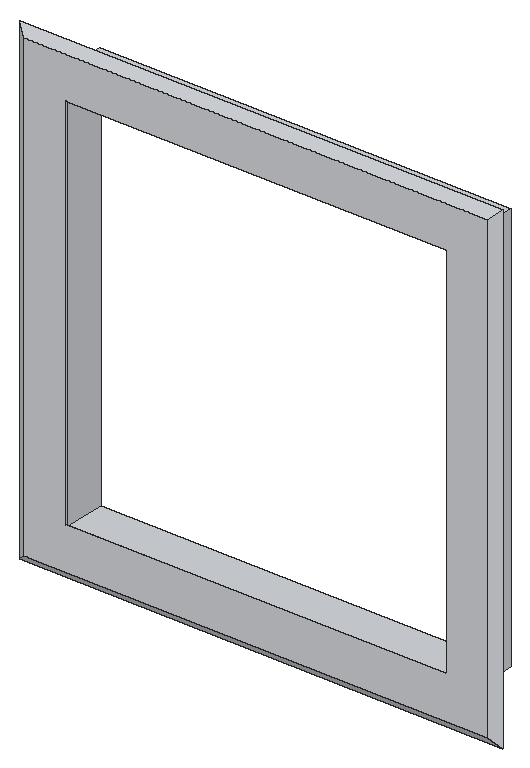
Revit family "Model 20 - Stainless", category Air Terminals, Revit 2016
Family settings
  Part Type = Normal
  Round Connector Dimension = Use Diameter
  Work Plane-Based = No
  Always vertical = Yes
  Cut with Voids When Loaded = No
  Shared = No
  Room Calculation Point = No
Parameters
  URL = "http://www.anemostat.com"
  Opposed Blade Damper = no
  Model = "Stainless Steel Grille with OBD"
  Manufacturer = "Anemostat"
  Overall Width = Grille Width User Defined + 1 13/16"  # 13 13/16"
  Overall Height = Grille Height User Defined + 1 13/16"  # 13 13/16"
  Grille Width User Defined = 12"
  Grille Height User Defined = 12"
  Back of Grille = if(Opposed Blade Damper, 3 3/8", 1 9/16")  # 1 9/16"
Reference planes (in)
  plane 1 "Center (Front/Back)": y = 0
  plane 2: z = 0
  plane 3 "Center (Left/Right)": x = 0
  plane 4: x = -6.90625
  plane 5: x = 6.90625
  plane 6: z = 13.8125
  plane 7 "Back of Grille": y = 1.5625
  plane 8 "Inside Face": y = -0.1545
  plane 9: z = 12.78125
  plane 10: x = 5.875
  plane 11: x = -5.875
  plane 12: z = 1.03125
  plane 13: z = 6.90625
Forms (in)
  Sweep 1, solid
    path origin (0, 0, 0) x (1, 0, 0) y (0, 0, 1)
      loop
        line (-6.90625, 13.8125) -> (-6.90625, 0) -> (6.90625, 0) -> (6.90625, 13.8125) -> (-6.90625, 13.8125)
    profile origin (0, 0, 13.8125) x (0, 0, 1) y (0, -1, 0)
      loop
        line (0, 0) -> (-0.26778, 0.1875) -> (-1.465, 0.1875) -> (-1.465, 0.1545) -> (-0.27861, 0.1545) -> (-0.05796, 0) -> (0, 0)
  Sweep 2, solid
    path origin (0, 1.5625, 0) x (0, 0, 1) y (-1, 0, 0)
      loop
        line (12.78125, -5.875) -> (12.78125, 5.875) -> (1.03125, 5.875) -> (1.03125, -5.875) -> (12.78125, -5.875)
    profile origin (0, 1.5625, 12.78125) x (0, 0, -1) y (0, -1, 0)
      loop
        line (0, 0) -> (0.033, 0) -> (0.033, 1.717) -> (0, 1.717) -> (0, 0)
Dimensions and locks (in)
  equal spacing: plane 5, plane 3 "Center (Left/Right)", plane 4
  "Overall Width": plane 5 to plane 4
  "Overall Height": plane 6 to level
  "Back of Grille": plane 7 "Back of Grille" to plane 1 "Center (Front/Back)"
  locked: plane 5 to plane 10 at 1.03125
  locked: plane 11 to plane 4 at 1.03125
  locked: level to plane 12 at 1.03125
  locked: plane 9 to plane 6 at 1.03125
  Sweep 2 sketch curve to plane 1 "Center (Front/Back)" = 0.1545"
  equal spacing: level, plane 13, plane 6
Automatic sketch dimensions
  Sweep 1 sketch curve to level = 0"
  Sweep 1 sketch curve to plane 4 = 0"
  Sweep 1 sketch curve to plane 5 = 0"
  Sweep 1 sketch curve to plane 6 = 0"
  Sweep 1 sketch curve to plane 1 "Center (Front/Back)" = 0"
  profile plane to Sweep 1 sketch curve = 0"
  Sweep 1 sketch curve to Sweep 1 sketch curve = 0.05796"
  profile plane to Sweep 1 sketch curve = 0.26778"
  Sweep 1 sketch curve to Sweep 1 sketch curve = 0.01083"
  plane 1 "Center (Front/Back)" to Sweep 1 sketch curve = 3/16"
  Sweep 1 sketch curve to Sweep 1 sketch curve = 1.18639"
  Sweep 1 sketch curve to Sweep 1 sketch curve = 0.033"
  plane 10 to Sweep 2 sketch curve = 0"
  Sweep 2 sketch curve to plane 12 = 0"
  Sweep 2 sketch curve to plane 9 = 0"
  plane 11 to Sweep 2 sketch curve = 0"
  Sweep 2 sketch curve to profile plane = 0"
  Sweep 2 sketch curve to plane 7 "Back of Grille" = 0"
  Sweep 2 sketch curve to profile plane = 0.033"
Connectors (in)
  hvac at (0, 1.5625, 6.90625), driven by "Grille Width User Defined", driven by "Grille Height User Defined"
    settings: on Sweep 2, index 1, duct flow 0 CFM, flow factor 0, pres drop 0.00 in-wg, loss coef 0, conn angle 0.00°, conn width 12", conn height 12", conn diameter 24", duct sys type 1, conn prof type 1, flow config 0, flow direction 0, loss method 0, conn ref index -1, conn util no, is conn primary yes, conn desc ""
